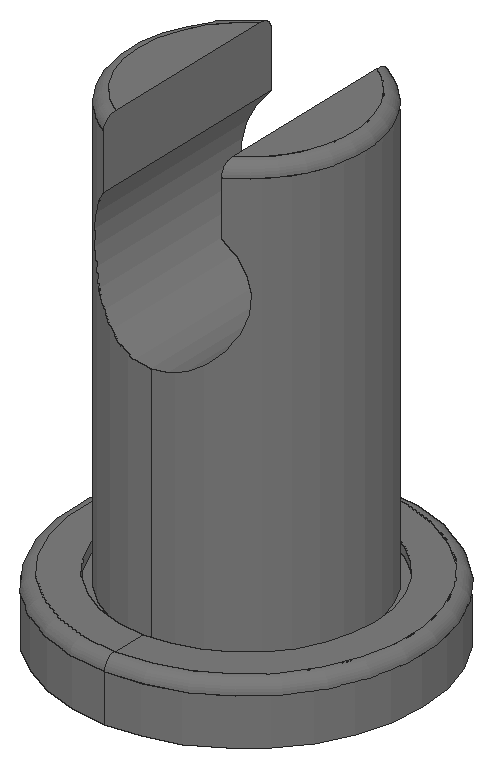
Revit family "Hand_Shower_Holder-Wall-Grohe-27074_Series", category Plumbing Fixtures, host Face, Revit 2018
Family settings
  Host = Face
  Round Connector Dimension = Use Diameter
  Part Type = Normal
  OmniClass Number = 23.45.05.14.17
  OmniClass Title = Showers
  Cut with Voids When Loaded = No
  Shared = Yes
  Room Calculation Point = No
Parameters (values of type "27074GN0")
  Width = 2"
  Waste Connection = no
  Warranty Information = "Limited Lifetime Warranty"  # constant formula
  WFU = 0
  Vent Connection = no
  URL = "https://www.grohe.us/"
  Type Comments = ""
  Product Page URL = "https://www.grohe.us/Hand-Showers-Accessories/Rainshower-Wall-Hand-Shower-Holder/GROHE-BRUSHED-NICKEL-27074EN0"
  Product Documentation Link = "file:///C:/Users/mohci/Downloads/27074000_GROHE_Specification_Sheet.pdf"
  Price = "Prices may vary. Please consult Manufacturer Representative for most up-to-date price list."  # constant formula
  Model = "27074GN0"
  Material = "Plastic-Grohe-GN0-Brushed Cool Sunrise"
  Manufacturer = "GROHE"  # constant formula
  Length = 2"
  Installation Type = "Wall Mounted"  # constant formula
  Height = 2.77531"
  HWFU = 0
  HW Connection = no
  Finish = Plastic-Grohe-GN0-Brushed Cool Sunrise
  Description = "Wall Hand Shower Holder"  # constant formula
  Default Elevation = 0"
  Creation Date = "03/09/2021"  # constant formula
  CWFU = 0
  CW Connection = no
  Assembly Code = "D2090800"
Types (6): name | Model | Material | Finish
  (no name) | "27074GN0" | "Plastic-Grohe-GN0-Brushed Cool Sunrise" | Plastic-Grohe-GN0-Brushed Cool Sunrise
  27074GN0 | "27074GN0" | "Plastic-Grohe-GN0-Brushed Cool Sunrise" | Plastic-Grohe-GN0-Brushed Cool Sunrise
  27074EN0 | "27074EN0" | "Plastic-Grohe-ENO-Brushed Nickel Infinity" | Plastic-Grohe-ENO-Brushed Nickel Infinity
  27074BE0 | "27074BE0" | "Plastic-Grohe-BE0-Polished Nickel Infinity" | Plastic-Grohe-BE0-Polished Nickel Infinity
  27074A00 | "27074A00" | "Plastic-Grohe-A00-Hard Graphite" | Plastic-Grohe-A00-Hard Graphite
  27074000 | "27074000" | "Plastic-Grohe-000-StarLight Chrome" | Plastic-Grohe-000-StarLight Chrome
Reference planes (in)
  plane 1 "Center (Front/Back)": y = 0
  plane 2: z = 0
  plane 3 "Center (Left/Right)": x = 0
  plane 4: y = 1
  plane 5: y = -1
  plane 6: x = 0.33203
  plane 7: x = -0.33203
  plane 8: x = -0.67928
  plane 9: x = 0.67928
  plane 10: z = 2.77531
  plane 11: x = -1
  plane 12: x = 1
Forms (in)
  Revolve 1, solid, material "Plastic-Grohe-GN0-Brushed Cool Sunrise" <- "Finish"
    sketch origin (0, 0, 0) x (0, 1, 0) y (0, 0, 1)
      loop
        line (0, 0) -> (0, 2.77531) -> (-0.60769, 2.77531)
        arc (-0.60769, 2.77531) -> (-0.65741, 2.75471) -> (-0.678, 2.70499) r 0.07031
        line (-0.678, 2.70499) -> (-0.678, 0.28215) -> (-0.73224, 0.28215) -> (-0.73224, 0.33742) -> (-0.92928, 0.33742)
        arc (-0.92928, 0.33742) -> (-0.97929, 0.3167) -> (-1, 0.2667) r 0.07072
        line (-1, 0.2667) -> (-1, 0) -> (0, 0)
      axis (0, 0) -> (0, 2.77531)
    angle from 0 to 360
  Extrusion 2, void
    sketch origin (0, 0, 0) x (1, 0, 0) y (0, 0, 1)
      loop
        line (0.33203, 2.99981) -> (-0.33203, 2.99981) -> (-0.33203, 2.39537)
        arc (-0.33203, 2.39537) -> (0, 1.65862) -> (0.33203, 2.39537) r 0.44319
        line (0.33203, 2.39537) -> (0.33203, 2.99981)
    from -1 to 1
Cuts and joins
  Extrusion 2 cuts Revolve 1
Lines and regions (in)
  Masking region 1
    outline origin (0, 0, 0) x (1, 0, 0) y (0, 0, 1)
      loop
        arc (-0.92928, 0.33742) -> (-0.98759, 0.30792) -> (-0.99835, 0.24347) r 0.07237
        line (-0.99835, 0.24347) -> (-0.99835, 0) -> (1.00165, 0) -> (1.00165, 0.26505)
        arc (1.00165, 0.26505) -> (0.98045, 0.31622) -> (0.92928, 0.33742) r 0.07237
        line (0.92928, 0.33742) -> (0.67928, 0.33742) -> (0.67928, 2.70156)
        arc (0.67928, 2.70156) -> (0.65768, 2.75371) -> (0.60554, 2.77531) r 0.07374
        line (0.60554, 2.77531) -> (0.33203, 2.77531) -> (0.33203, 2.39537)
        arc (0.33203, 2.39537) -> (0, 1.65862) -> (-0.33203, 2.39537) r 0.44319
        line (-0.33203, 2.39537) -> (-0.33203, 2.77531) -> (-0.60554, 2.77531)
        arc (-0.60554, 2.77531) -> (-0.65768, 2.75371) -> (-0.67928, 2.70156) r 0.07374
        line (-0.67928, 2.70156) -> (-0.67928, 0.33742) -> (-0.92928, 0.33742)
  symbolic lines, detail levels medium+fine
    curve 1: line (0.67928, 0, 0.33742) -> (-0.67928, 0, 0.33742)
Dimensions and locks (in)
  equal spacing: Masking region 1 sketch curve, plane 3 "Center (Left/Right)", Masking region 1 sketch curve
  locked: plane 8 to plane 9 at 1.35856
  "Height": host face to plane 10
  plane 11 to plane 12 = 2"
  "Width": plane 5 to plane 4
  "Length": plane 11 to plane 12
  aligned and locked: plane 2 to host face
  aligned and locked: level to host face
  aligned and locked: Masking region 1 sketch curve to cut or joined group of Revolve 1, Extrusion 2
Automatic sketch dimensions
  plane 11 to curve 1 = 0.32072"
  level to curve 1 = 0.33742"
  plane 12 to curve 1 = 0.32072"
  host sketch curve to host sketch curve = 96"  (x2)
  Revolve 1 sketch curve to plane 5 = 0"
  Revolve 1 sketch curve to plane 10 = 0"
  Revolve 1 sketch curve to plane 1 "Center (Front/Back)" = 0"  (x2)
  Revolve 1 sketch curve to level = 0"
  Revolve 1 sketch curve to plane 5 = 0.07072"
  Revolve 1 sketch curve to Revolve 1 sketch curve = 0.19704"
  Revolve 1 sketch curve to Revolve 1 sketch curve = 0.05424"
  Revolve 1 sketch curve to Revolve 1 sketch curve = 9/128"
  level to Revolve 1 sketch curve = 0.2667"
  Revolve 1 sketch curve to Revolve 1 sketch curve = 0.05526"
  plane 10 to Revolve 1 sketch curve = 0.3833"
  Revolve 1 sketch curve to Revolve 1 sketch curve = 1/4"
  Extrusion 2 sketch curve to plane 7 = 0"
  Extrusion 2 sketch curve to plane 3 "Center (Left/Right)" = 0"
  Extrusion 2 sketch curve to plane 6 = 0"
  Extrusion 2 sketch curve to plane 10 = 0.67349"
  Extrusion 2 sketch curve to plane 10 = 0.37993"
  plane 10 to Extrusion 2 sketch curve = 0.22451"
  Masking region 1 sketch curve to level = 0"
  Masking region 1 sketch curve to plane 8 = 0"
  Masking region 1 sketch curve to plane 10 = 0"  (x2)
  Masking region 1 sketch curve to plane 7 = 0"
  Masking region 1 sketch curve to plane 6 = 0"
  plane 11 to Masking region 1 sketch curve = 0.07072"
  plane 11 to Masking region 1 sketch curve = 0.00165"
  Masking region 1 sketch curve to Masking region 1 sketch curve = 0.07374"  (x2)
  plane 12 to Masking region 1 sketch curve = 0.07072"
  Masking region 1 sketch curve to plane 12 = 0.00165"
  Masking region 1 sketch curve to Masking region 1 sketch curve = 0.24347"
  Masking region 1 sketch curve to Masking region 1 sketch curve = 0.26505"
  Masking region 1 sketch curve to Masking region 1 sketch curve = 0.02158"
